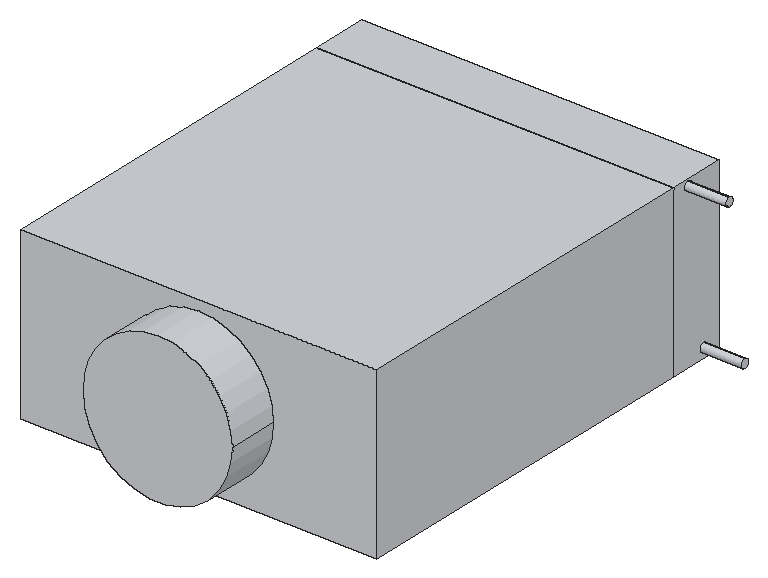
Revit family "EZTA(24x16)+ with Hot Water Coil", category Mechanical Equipment, Revit 2018
Family settings
  Round Connector Dimension = Use Radius
  Part Type = Normal
  Work Plane-Based = No
  Always vertical = Yes
  Cut with Voids When Loaded = No
  Shared = No
  Room Calculation Point = No
Parameters (values of type "EZTA(24x16)+ with 4 Row HWC & NO Controller")
  Width = 38"
  URL = "https://www.anemostat-hvac.com"
  Model = "EZTA+ With Hot Water Coil"
  Manufacturer = "Anemostat Products"
  Length = 39 1/2"
  Inlet Depth = 5 7/16"
  Inlet Center = Height / 2  # 9"
  Height = 18"
  HWC Depth "A" = 7"
  HWC Conn Radius = HWC Conn Diameter / 2  # 9/16"
  HWC Conn Length = 4 1/2"
  HWC Conn Diameter = 1 1/8"
  HWC Conn "E" = 1 39/256"
  HWC Conn "D" = 17/32"
  HWC Conn "C" = 3 213/256"
  HWC Conn "B" = 1 3/4"
  Duct Inlet Dia = 15 7/8"
  Duct Discharge Width = 38"
  Duct Discharge Height = 18"
  Description = "SINGLE DUCT AIR TERMINAL WITH INTEGRAL ATTENUATOR JUMBO HOT WATER HEATING COIL"
  Controller Right = no
  Controller Offset = 3"
  Controller Length = 14 7/32"
  Controller Left = no
  Controller Depth = 7 1/8"
  Controller Center = 5.68982"
  Coil Thickness = -6"
Types (13): name | HWC Conn Radius | HWC Conn Diameter | HWC Conn "C" | Controller Right | Controller Left | Controller Center | Coil Thickness
  (no name) | 9/16" | 1 1/8" | 3 213/256" | no | no | 5.68982" | -6"
  EZTA(24x16)+ with 2 Row HWC & NO Controller | 7/16" | 7/8" | 2 213/256" | no | no | 5 35/64" | -5"
  EZTA(24x16)+ with 1 Row HWC & NO Controller | 7/16" | 7/8" | 3 1/4" | no | no | 5.68982" | -5"
  EZTA(24x16)+ with 3 Row HWC & NO Controller | 9/16" | 1 1/8" | 3 213/256" | no | no | 5.68982" | -6"
  EZTA(24x16)+ with 4 Row HWC & NO Controller | 9/16" | 1 1/8" | 3 213/256" | no | no | 5.68982" | -6"
  EZTA(24x16)+ with 2 Row HWC & Controller RH | 7/16" | 7/8" | 2 213/256" | yes | no | 5 35/64" | -5"
  EZTA(24x16)+ with 1 Row HWC & Controller RH | 7/16" | 7/8" | 3 1/4" | yes | no | 5.68982" | -5"
  EZTA(24x16)+ with 4 Row HWC & Controller RH | 9/16" | 1 1/8" | 3 213/256" | yes | no | 5.68982" | -6"
  EZTA(24x16)+ with 3 Row HWC & Controller RH | 9/16" | 1 1/8" | 3 213/256" | yes | no | 5.68982" | -6"
  EZTA(24x16)+ with 1 Row HWC & Controller LH | 7/16" | 7/8" | 3 1/4" | no | yes | 5.68982" | -5"
  EZTA(24x16)+ with 2 Row HWC & Controller LH | 7/16" | 7/8" | 2 213/256" | no | yes | 5 35/64" | -5"
  EZTA(24x16)+ with 3 Row HWC & Controller LH | 9/16" | 1 1/8" | 3 213/256" | no | yes | 5.68982" | -6"
  EZTA(24x16)+ with 4 Row HWC & Controller LH | 9/16" | 1 1/8" | 3 213/256" | no | yes | 5.68982" | -6"
Reference planes (in)
  plane 1 "Center (Front/Back)": y = 0
  plane 2: z = 0
  plane 3 "Center (Left/Right)": x = 0
  plane 4 "Left side": x = -19
  plane 5 "Right Side": x = 19
  plane 6: z = 18
  plane 7 "Back of Box": y = 39.5
  plane 8: x = -12
  plane 9: x = 12
  plane 10: z = 17
  plane 11: z = 1
  plane 12: x = -11.967
  plane 13: x = 11.967
  plane 14: z = 16.967
  plane 15: z = 1.033
  plane 16 "Back of HWC": y = 35
  plane 17: y = 41.25
  plane 18: z = 17.46875
  plane 19: z = 1.15234
  plane 20: y = 43.33203
  plane 21 "Center Inlet": z = 9
  plane 22 "controller side": x = -26.125
  plane 23 "controller front": y = -3
  plane 24 "controller back": y = 12.875
  plane 25: z = 14.68982
  plane 26: z = 3.31018
  plane 27 "Controller Right": x = 26.125
Forms (in)
  Extrusion 1, solid
    sketch origin (0, 0, 0) x (1, 0, 0) y (0, 0, 1)
      loop
        line (-19, 18) -> (-19, 0) -> (19, 0) -> (19, 18) -> (-19, 18)
    from 0 to -39.5
  Extrusion 2, solid
    sketch origin (0, 39.5, 0) x (0, 0, 1) y (-1, 0, 0)
      loop
        line (18, -19) -> (18, 19) -> (0, 19) -> (0, -19) -> (18, -19)
    from 0 to -6 <- "Coil Thickness"
  Extrusion 3, solid
    sketch origin (19, 0, 0) x (0, 0, 1) y (0, -1, 0)
      loop
        circle (17.46875, -41.25) r 0.4375
    from 0 to 4.5 <- "HWC Conn Length"
  Extrusion 4, solid
    sketch origin (19, 0, 0) x (0, 0, 1) y (0, -1, 0)
      loop
        circle (1.15234, -43.33203) r 0.4375
    from 0 to 4.5 <- "HWC Conn Length"
  Extrusion 5, solid
    sketch origin (0, 0, 0) x (1, 0, 0) y (0, 0, 1)
      loop
        circle (0, 9) r 7.9375
    from 0 to 5.4375 <- "Inlet Depth"
  Extrusion 6, solid, visible <- "Controller Left"
    sketch origin (-26.125, 0, 0) x (0, 1, 0) y (0, 0, 1)
      loop
        line (12.875, 14.68982) -> (-3, 14.68982) -> (-3, 3.31018) -> (12.875, 3.31018) -> (12.875, 14.68982)
    from 0 to 7.125 <- "Controller Depth"
  Extrusion 7, solid, visible <- "Controller Right"
    sketch origin (19, 0, 0) x (0, 0, 1) y (0, -1, 0)
      loop
        line (14.68982, 3) -> (3.31018, 3) -> (3.31018, -12.875) -> (14.68982, -12.875) -> (14.68982, 3)
    from 0 to 7.125 <- "Controller Depth"
Dimensions and locks (in)
  equal spacing: plane 5 "Right Side", plane 3 "Center (Left/Right)", plane 4 "Left side"
  "Width": plane 5 "Right Side" to plane 4 "Left side"
  "Height": plane 6 to level
  "Length": plane 7 "Back of Box" to plane 1 "Center (Front/Back)"
  plane 4 "Left side" to plane 8 to plane 3 "Center (Left/Right)" = 7", 12"
  equal spacing: plane 9, plane 3 "Center (Left/Right)", plane 8
  "HWC Conn "B"": plane 7 "Back of Box" to plane 17
  "HWC Conn "D"": plane 6 to plane 18
  "HWC Conn "E"": plane 19 to level
  "HWC Conn "C"": plane 7 "Back of Box" to plane 20
  "Inlet Center": plane 21 "Center Inlet" to level
  "Duct Inlet Dia": plane 24 "controller back" to plane 23 "controller front"
  "Controller Offset": plane 1 "Center (Front/Back)" to plane 23 "controller front"
  "Controller Depth": plane 22 "controller side" to plane 4 "Left side"
  "Controller Center": plane 25 to plane 21 "Center Inlet"
  "Controller Center": plane 26 to plane 21 "Center Inlet"
  "Controller Depth": plane 27 "Controller Right" to Extrusion 1
  "Duct Inlet Dia": diameter of Extrusion 5 sketch curve
  aligned and locked: Extrusion 1 to plane 7 "Back of Box"
  aligned and locked: Extrusion 6 sketch curve to plane 25
  aligned and locked: Extrusion 6 sketch curve to plane 24 "controller back"
  aligned and locked: Extrusion 6 sketch curve to plane 26
  aligned and locked: Extrusion 6 sketch curve to plane 23 "controller front"
  aligned and locked: Extrusion 7 sketch curve to plane 24 "controller back"
  aligned and locked: Extrusion 7 sketch curve to plane 25
  aligned and locked: Extrusion 7 sketch curve to plane 26
  aligned and locked: Extrusion 7 sketch curve to plane 23 "controller front"
Automatic sketch dimensions
  Extrusion 1 sketch curve to level = 0"
  Extrusion 1 sketch curve to plane 4 "Left side" = 0"
  Extrusion 1 sketch curve to plane 5 "Right Side" = 0"
  Extrusion 1 sketch curve to plane 6 = 0"
  Extrusion 2 sketch curve to level = 0"
  Extrusion 2 sketch curve to plane 5 "Right Side" = 0"
  Extrusion 2 sketch curve to plane 6 = 0"
  Extrusion 2 sketch curve to plane 4 "Left side" = 0"
  Extrusion 3 sketch curve to plane 17 = 0"
  Extrusion 3 sketch curve to plane 18 = 0"
  Extrusion 4 sketch curve to plane 19 = 0"
  Extrusion 4 sketch curve to plane 20 = 0"
  Extrusion 5 sketch curve to plane 3 "Center (Left/Right)" = 0"
  Extrusion 5 sketch curve to plane 21 "Center Inlet" = 0"
  radius of Extrusion 3 sketch curve = 7/16"
  radius of Extrusion 4 sketch curve = 7/16"
Connectors (in)
  hvac at (0, 45.5, 9), driven by "Duct Discharge Height", driven by "Duct Discharge Width"
    settings: on Extrusion 2, index 2, duct flow 0 CFM, flow factor 0, pres drop 0.00 in-wg, loss coef 0, conn angle 0.00°, conn width 38", conn height 18", conn diameter 24", duct sys type 1, conn prof type 1, flow config 0, flow direction 2, loss method 0, conn ref index -1, conn util no, is conn primary yes, conn desc ""
  piping at (23.5, 41.25, 17.46875), diameter 1.125, driven by "HWC Conn Radius"
    settings: on Extrusion 3, index 3, connector inside diameter 24", connector length 0", flow factor 0, pipe flow 0 GPM, pressure drop 0.00 psi, fitting loss kfactor 0, connector angle 0.00°, fixture units 0, engagement length 0", angle of deflection 0.00°, flow configuration 0, flow direction 0, fitting loss method 0, system type 19, joint type 0, gender type 0, connector reference index -1, connector utility 0, adjustable connector no, is connector primary yes, connector description ""
  piping at (23.5, 43.33203, 1.15234), diameter 1.125, driven by "HWC Conn Radius"
    settings: on Extrusion 4, index 4, connector inside diameter 24", connector length 0", flow factor 0, pipe flow 0 GPM, pressure drop 0.00 psi, fitting loss kfactor 0, connector angle 0.00°, fixture units 0, engagement length 0", angle of deflection 0.00°, flow configuration 0, flow direction 0, fitting loss method 0, system type 19, joint type 0, gender type 0, connector reference index -1, connector utility 0, adjustable connector no, is connector primary no, connector description ""
  hvac at (0, -5.4375, 9), driven by "Duct Inlet Dia"
    settings: on Extrusion 5, index 5, duct flow 0 CFM, flow factor 0, pres drop 0.00 in-wg, loss coef 0, conn angle 0.00°, conn width 12", conn height 12", conn diameter 31 3/4", duct sys type 1, conn prof type 0, flow config 0, flow direction 1, loss method 0, conn ref index -1, conn util no, is conn primary no, conn desc ""
  electrical at (26.125, 4.9375, 9)
    settings: on Extrusion 7, index 6, voltage 0 V, apparent load 0 VA, apparent load phase1 0 VA, apparent load phase2 0 VA, apparent load phase3 0 VA, power factor 1, load classification "Other", number of poles 1, system type 31, power factor state 1, is connector primary yes, connector utility no, sub classification motor no, connector description ""
  electrical at (-26.125, 4.9375, 9)
    settings: on Extrusion 6, index 7, voltage 0 V, apparent load 0 VA, apparent load phase1 0 VA, apparent load phase2 0 VA, apparent load phase3 0 VA, power factor 1, load classification "Other", number of poles 1, system type 31, power factor state 1, is connector primary no, connector utility no, sub classification motor no, connector description ""
